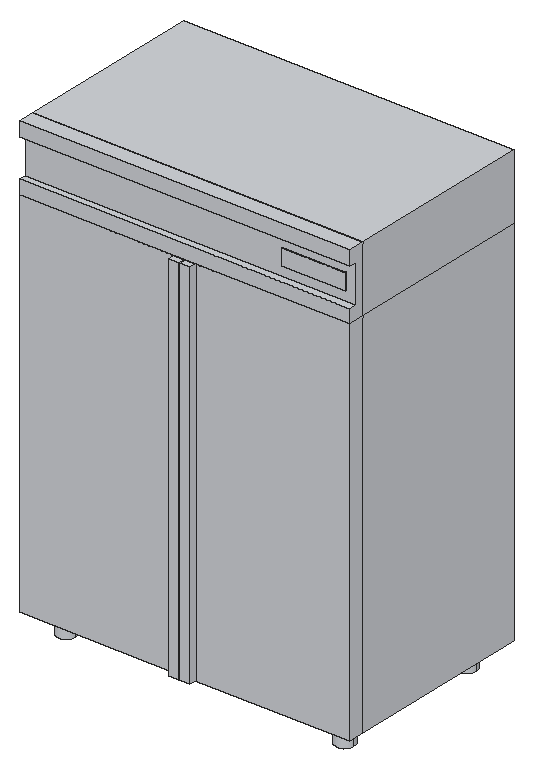
Revit family "Холодильные шкафы из нержавеющей стали", category Оборудование, Revit 2020
Family settings
  Размер круглого соединителя = Использовать диаметр
  Классификация = Нет
  Тип детали = Нормальный
  На основе рабочей плоскости = Нет
  Всегда вертикально = Да
  При загрузке вырезать с полостями = Нет
  Общий = Нет
  Точка расчета площади = Нет
Parameters (values of type "CM114-G")
  Панель Sm = no
  Ширина = 1402 mm
  Цена, руб. = "99 356"
  Холодильный шкаф = none
  Тип охлаждения = "динамический"
  Условия окр. среды (темп./влажн.) = "до +40/до 80"
  Тип оттайки = "авт. с системой исп. конденсата"
  Терморегулятор = "эл. блок управления"
  Система электропитания, В/Гц = "230/50"
  Размер полки, мм = "530х650"
  Расход электроэнергии за сутки, кВт/ч = "6"
  Расположение агрегата = "верхнее"
  Размеры в упаковке, мм = "1490x988x2125"
  Хладагент = "R134a"
  Потребляемая мощность, Вт = "550"
  Подсветка = "светодиодная"
  Педаль = ""
  Панель S = yes
  Отметка по умолчанию = 0 mm
  Объем, л = "1400"
  Колесные опоры = "опция"
  Кол-во полок = "8"
  Микропереключатель = ""
  Материал обшивок корпуса изнутри = "нержавеющая сталь"
  Материал обшивок корпуса снаружи = "нержавеющая сталь (кроме задней стенки)"
  Клапан Шредера = "+"
  Замок = "+"
  Допустимая нагрузка на полку, кг = "40"
  Диап. рабочих темп. = "0....+6"
  Глубина = 925 mm
  Габаритные размеры, мм = "1402*925*1960"
  Высота = 1960 mm
  Вес нетто/брутто, кг = "186/218"
  2 дверь Sm (шир) = no
  2 дверь Sm = no
  2 дверь S = yes
  2  дверь S (шир) = no
  1 дверь Sm (шир) = no
  1 дверь Sm = no
  1 дверь S (шир) = no
  1 дверь S = yes
Types (21, lengths in mm): name | Панель Sm | Ширина | Цена, руб. | Тип оттайки | Терморегулятор | Размер полки, мм | Расход электроэнергии за сутки, кВт/ч | Размеры в упаковке, мм | Хладагент | Потребляемая мощность, Вт | Подсветка | Педаль | Панель S | Объем, л | Кол-во полок | Микропереключатель | Материал обшивок корпуса изнутри | Материал обшивок корпуса снаружи | Диап. рабочих темп. | Глубина | Габаритные размеры, мм | Высота | Вес нетто/брутто, кг | 2 дверь Sm (шир) | 2 дверь Sm | 2 дверь S | 2  дверь S (шир) | 1 дверь Sm (шир) | 1 дверь Sm | 1 дверь S (шир) | 1 дверь S
  (no name) | no | 1402 | "99 356" | "авт. с системой исп. конденсата" | "эл. блок управления" | "530х650" | "6" | "1490x988x2125" | "R134a" | "550" | "светодиодная" | "" | yes | "1400" | "8" | "" | "нержавеющая сталь" | "нержавеющая сталь (кроме задней стенки)" | "0....+6" | 925 | "1402*925*1960" | 1960 | "186/218" | no | no | yes | no | no | no | no | yes
  CM105-Gm | yes | 697 | "67 108" | "авт. с системой исп. конденсата" | "многофункциональная контрольная панель" | "595х455" | "3,5" | "790x744x2125" | "R134a" | "350" | "светодиодная" | "+" | no | "500" | "4" | "клавишный" | "снержавеющая сталь" | "нержавещая сталь (кроме задней стенки)" | "0....+6" | 695 | "697*695*1960" | 1960 | "96/115" | no | no | no | no | no | yes | no | no
  CM107-Gm | yes | 697 | "73 495" | "авт. с системой исп. конденсата" | "многофункциональная контрольная панель" | "530х650" | "3,5" | "790x988x2125" | "R134a" | "350" | "светодиодная" | "+" | no | "700" | "4" | "клавишный" | "нержавеющая сталь" | "нержавеющая сталь (кроме задней стенки)" | "0....+6" | 925 | "697*925*1960" | 1960 | "112/137" | no | no | no | no | no | yes | no | no
  CV105-Gm | yes | 697 | "71 085" | "авт. с системой исп. конденсата" | "многофункциональная контрольная панель" | "595х455" | "4" | "790x744x2125" | "R134a" | "400" | "светодиодная" | "+" | no | "500" | "4" | "клавишный" | "нержавеющая сталь" | "нержавеющая сталь (кроме задней стенки)" | "-5....+5" | 695 | "697*695*1960" | 1960 | "96/115" | no | no | no | no | no | yes | no | no
  CV107-Gm | yes | 697 | "80 136" | "авт. с системой исп. конденсата" | "многофункциональная контрольная панель" | "530х650" | "4,5" | "790x988x2125" | "R134a" | "400" | "+" | "+" | no | "700" | "4" | "клавишный" | "нержавеющая сталь" | "нержавеющая сталь (кроме задней стенки)" | "-5....+5" | 925 | "697*925*1960" | 1960 | "114/139" | no | no | no | no | no | yes | no | no
  CB107-Gm | yes | 735 | "85 322" | "авт. с системой исп. конденсата" | "многофункциональная контрольная панель" | "530х650" | "12" | "850x988x2125" | "R404А" | "550/400" | "светодиодная" | "+" | no | "700" | "4" | "клавишный" | "нержавеющая сталь" | "нержавеющая сталь (кроме задней стенки)" | "не выше -18" | 960 | "735*960*1996" | 1996 | "128/152" | no | no | no | no | yes | no | no | no
  CM110-Gm | yes | 1402 | "89 186" | "авт. с системой исп. конденсата" | "многофункциональная контрольная панель" | "595х455" | "5.5" | "1490x744x2125" | "R134a" | "550" | "светодиодная" | "+" | no | "1000" | "8" | "клавишный" | "нержавеющая сталь" | "нержавеющая сталь (кроме задней стенки)" | "0....+6" | 695 | "1402*695*1960" | 1960 | "158/187" | no | yes | no | no | no | yes | no | no
  CM114-Gm | yes | 1402 | "99 356" | "авт. с системой исп. конденсата" | "многофункциональная контрольная панель" | "530х650" | "6" | "1490x988x2125" | "R134a" | "550" | "светодиодная" | "+" | no | "1400" | "8" | "клавишный" | "нержавеющая сталь" | "нержавеющая сталь (кроме задней стенки)" | "0....+6" | 925 | "1402*925*1960" | 1960 | "186/218" | no | yes | no | no | no | yes | no | no
  CV110-Gm | yes | 1402 | "103 932" | "авт. с системой исп. конденсата" | "многофункциональная контрольная панель" | "595х455" | "6" | "1490x988x2125" | "R134a" | "630" | "светодиодная" | "+" | no | "1000" | "8" | "клавишный" | "нержавеющая сталь" | "нержавеющая сталь (кроме задней стенки)" | "-5....+5" | 695 | "1402*695*1960" | 1960 | "158/187" | no | yes | no | no | no | yes | no | no
  CV114-Gm | yes | 1402 | "109 525" | "авт. с системой исп. конденсата" | "многофункциональная контрольная панель" | "530х650" | "6.5" | "1490x988x2125" | "R134a" | "630" | "светодиодная" | "+" | no | "1400" | "8" | "клавишный" | "нержавеющая сталь" | "нержавеющая сталь (кроме задней стенки)" | "-5....+5" | 925 | "1402*925*1960" | 1960 | "168/218" | no | yes | no | no | no | yes | no | no
  CM105-G | no | 697 | "67 108" | "авт.с системой исп. конденсата" | "эл. блок управления" | "595х455" | "3,5" | "790x744x2125" | "R134a" | "350" | "светодиоидная" | "+" | yes | "500" | "4" | "-" | "нержавеющая сталь" | "нержавеющая сталь (кроме задней стенки)" | "0....+6" | 695 | "697*695*1960" | 1960 | "96/115" | no | no | no | no | no | no | no | yes
  CM107-G | no | 697 | "73 495" | "авт. с системой исп. конденсата" | "эл. блок управления" | "530х650" | "4" | "790x988x2125" | "R134a" | "350" | "светодиодная" | "" | yes | "700" | "4" | "" | "нержавеющая сталь" | "нержавеющая сталь (кроме задней стенки)" | "0....+6" | 925 | "697*925*1960" | 1960 | "114/139" | no | no | no | no | no | no | no | yes
  CM110-G | no | 1402 | "89 186" | "авт. с системой исп. конденсата" | "эл. блок управления" | "595х455" | "5.5" | "1490x744x2125" | "R134a" | "550" | "светодиодная" | "" | yes | "1000" | "8" | "" | "нержавеющая сталь" | "нержавеющая сталь (кроме задней стенки)" | "0....+6" | 695 | "1402*695*1960" | 1960 | "155/187" | no | no | yes | no | no | no | no | yes
  CB114-Gm | yes | 1474 | "121 932" | "авт. с системой исп. конденсата" | "многофункциональная контрольная панель" | "530х650" | "20.5" | "1550x988x2160" | "R404А" | "800/1200" | "светодиодная" | "+" | no | "1400" | "4" | "клавишный" | "нержавеющая сталь" | "нержавеющая сталь (кроме задней стенки)" | "не выше -18" | 960 | "1474*960*1996" | 1996 | "217/247" | yes | no | no | no | yes | no | no | no
  CB107-G | no | 735 | "85 322" | "автоматическая" | "эл. блок управления" | "530х650" | "12" | "850x988x2160" | "R134a" | "550/400" | "светодиодная" | "" | yes | "700" | "4" | "" | "нержавеющая сталь" | "нержавеющая сталь (кроме задней стенки)" | "не выше -18" | 960 | "735*960*1996" | 1996 | "114/139" | no | no | no | no | no | no | yes | no
  CV105-G | no | 697 | "71 085" | "авт. с системой исп. конденсата" | "эл. блок управления" | "595х455" | "4" | "790x744x2125" | "R134a" | "400" | "светодиодная" | "" | yes | "500" | "4" | "" | "нержавеющая сталь" | "нержавеющая сталь (кроме задней стенки)" | "-5....+5" | 695 | "697*695*1960" | 1960 | "96/115" | no | no | no | no | no | no | no | yes
  CV107-G | no | 697 | "80 136" | "авт. с системой исп. конденсата" | "многофункциональная контрольная панель" | "530х650" | "4,5" | "790x988x2125" | "R134a" | "400" | "светодиодная" | "" | yes | "700" | "4" | "" | "нержавеющая сталь" | "нержавеющая сталь (кроме задней стенки)" | "-5....+5" | 925 | "697*925*1960" | 1960 | "114/139" | no | no | no | no | no | no | no | yes
  CV110-G | no | 1402 | "103 932" | "авт. с системой исп. конденсата" | "многофункциональная контрольная панель" | "595х455" | "6" | "1490x988x2125" | "R134a" | "630" | "светодиодная" | "" | yes | "1000" | "8" | "" | "нержавеющая сталь" | "нержавеющая сталь (кроме задней стенки)" | "-5....+5" | 695 | "1402*695*1960" | 1960 | "158/187" | no | no | yes | no | no | no | no | yes
  CV114-G | no | 1402 | "109 525" | "авт., при помощи ТЭНов, с системой исп. конденсата" | "эл. блок управления" | "530х650" | "6.5" | "1490x988x2125" | "R134a" | "630" | "светодиодная" | "" | yes | "1400" | "8" | "" | "нержавеющая сталь" | "нержавеющая сталь (кроме задней стенки)" | "-5....+5" | 925 | "1402*925*1960" | 1960 | "168/218" | no | no | yes | no | no | no | no | yes
  CB114-G | no | 1474 | "121 932" | "автоматическая" | "эл. блок управления" | "530х650" | "20.5" | "1550x988x2160" | "R404А" | "800/1200" | "светодиодная" | "" | yes | "1400" | "4" | "" | "нержавеющая сталь" | "нержавеющая сталь (кроме задней стенки)" | "не выше -18" | 960 | "1474*960*1996" | 1996 | "168/218" | no | no | no | yes | no | no | yes | no
  CM114-G | no | 1402 | "99 356" | "авт. с системой исп. конденсата" | "эл. блок управления" | "530х650" | "6" | "1490x988x2125" | "R134a" | "550" | "светодиодная" | "" | yes | "1400" | "8" | "" | "нержавеющая сталь" | "нержавеющая сталь (кроме задней стенки)" | "0....+6" | 925 | "1402*925*1960" | 1960 | "186/218" | no | no | yes | no | no | no | no | yes
Reference planes
  plane 1 "По центру (Вперед/Назад)": y = 0
  plane 2: z = 0
  plane 3 "По центру (Влево/Вправо)": x = 0
  plane 4: x = -701
  plane 5: x = 701
  plane 6: y = -925
  plane 7: y = -855
  plane 8: x = 74
  plane 9: x = 631
  plane 10: z = 1960
  plane 11: x = 4
  plane 12: z = 92
  plane 13: z = 1678
  plane 14: y = -55
  plane 15: x = -631
  plane 16: x = -591
  plane 17: x = 591
  plane 18: y = -815
  plane 19: y = -165
  plane 20: x = -55
  plane 21: x = 55
  plane 22: z = 1849
  plane 23: z = 1789
  plane 24: x = -75
  plane 25: x = 75
  plane 26: z = 1769
  plane 27: z = 1869
  plane 28: z = 1819
  plane 29: x = 151
  plane 30: x = 651
  plane 31: z = 885
  plane 32: z = 885
  plane 33: x = 701
  plane 34: x = -34
  plane 35: x = 34
  plane 36: x = -701
  plane 37: z = 885
  plane 38: x = 701
  plane 39: z = 885
  plane 40: x = -737
Forms (mm)
  Extrusion 1, solid, material <- "Холодильный шкаф", visible <- "1 дверь Sm"
    sketch origin (0, 0, 0) x (1, 0, 0) y (0, 1, 0)
      loop
        line (74, -855) -> (74, -925) -> (631, -925) -> (631, -855) -> (74, -855)
    from 92 to 1678
  Extrusion 2, solid, material <- "Холодильный шкаф"
    sketch origin (0, 0, 0) x (1, 0, 0) y (0, 1, 0)
      loop
        line (-701, -55) -> (-701, -855) -> (701, -855) -> (701, -55) -> (-701, -55)
    from 92 to 1678
  Extrusion 3, solid, material <- "Холодильный шкаф", visible <- "Панель Sm"
    sketch origin (0, 0, 0) x (1, 0, 0) y (0, 1, 0)
      loop
        line (-631, -855) -> (-631, -925) -> (631, -925) -> (631, -855) -> (-631, -855)
    from 1678 to 1960
  Extrusion 4, solid, material <- "Холодильный шкаф", visible <- "Панель Sm"
    sketch origin (0, 0, 0) x (1, 0, 0) y (0, 1, 0)
      loop
        arc (-701, -855) -> (-680.497, -904.497) -> (-631, -925) r 70
        line (-631, -925) -> (-631, -855) -> (-701, -855)
    from 1678 to 1960
  Extrusion 5, solid, material <- "Холодильный шкаф", visible <- "Панель Sm"
    sketch origin (0, 0, 0) x (1, 0, 0) y (0, 1, 0)
      loop
        line (631, -855) -> (631, -925)
        arc (631, -925) -> (680.497, -904.497) -> (701, -855) r 70
        line (701, -855) -> (631, -855)
    from 1678 to 1960
  Extrusion 6, solid, material <- "Холодильный шкаф", visible <- "1 дверь Sm"
    sketch origin (0, 0, 0) x (1, 0, 0) y (0, 1, 0)
      loop
        line (631, -855) -> (631, -925)
        arc (631, -925) -> (680.497, -904.497) -> (701, -855) r 70
        line (701, -855) -> (631, -855)
    from 92 to 1678
  Extrusion 7, solid, material <- "Холодильный шкаф", visible <- "1 дверь Sm"
    sketch origin (800, 0, 0) x (1, 0, 0) y (0, 1, 0)
      loop
        arc (-796, -855) -> (-775.497, -904.497) -> (-726, -925) r 70
        line (-726, -925) -> (-726, -855) -> (-796, -855)
    from 92 to 1678
  Extrusion 8, solid, material <- "Холодильный шкаф"
    sketch origin (0, 0, 0) x (1, 0, 0) y (0, 1, 0)
      loop
        circle (-591, -165) r 40
    from 0 to 92
  Extrusion 9, solid, material <- "Холодильный шкаф"
    sketch origin (0, 0, 0) x (1, 0, 0) y (0, 1, 0)
      loop
        circle (-591, -815) r 40
    from 0 to 92
  Extrusion 10, solid, material <- "Холодильный шкаф"
    sketch origin (0, 0, 0) x (1, 0, 0) y (0, 1, 0)
      loop
        circle (591, -165) r 40
    from 0 to 92
  Extrusion 11, solid, material <- "Холодильный шкаф"
    sketch origin (0, 0, 0) x (1, 0, 0) y (0, 1, 0)
      loop
        circle (591, -815) r 40
    from 0 to 92
  Extrusion 12, solid, visible <- "Панель Sm", detail levels fine
    sketch origin (0, 0, 0) x (1, 0, 0) y (0, 0, 1)
      loop
        line (-55, 1849) -> (-55, 1789) -> (55, 1789) -> (55, 1849) -> (-55, 1849)
    from 925 to 926.447
  Extrusion 13, solid, material <- "Холодильный шкаф"
    sketch origin (1.462, 0, 0) x (1, 0, 0) y (0, 1, 0)
      loop
        line (149.538, 0) -> (149.538, -55) -> (649.538, -55) -> (649.538, 0) -> (149.538, 0)
    from 1178.132 to 1678
  Extrusion 14, void, detail levels fine
    sketch origin (0, 0, 5.622) x (1, 0, 0) y (0, 0, 1)
      loop
        line (-50, 1838.378) -> (-50, 1788.378) -> (50, 1788.378) -> (50, 1838.378) -> (-50, 1838.378)
    from 926.447 to 925
  Extrusion 15, solid, material <- "Холодильный шкаф"
    sketch origin (0, 0, 0) x (1, 0, 0) y (0, 1, 0)
      loop
        line (-701, -55) -> (-701, -855) -> (701, -855) -> (701, -55) -> (-701, -55)
    from 1678 to 1960
  Extrusion 16, solid, material <- "Холодильный шкаф", visible <- "2 дверь Sm"
    sketch origin (-705, 0, 0) x (1, 0, 0) y (0, 1, 0)
      loop
        line (74, -855) -> (74, -925) -> (631, -925) -> (631, -855) -> (74, -855)
    from 92 to 1678
  Extrusion 17, solid, material <- "Холодильный шкаф", visible <- "2 дверь Sm"
    sketch origin (-705, 0, 0) x (1, 0, 0) y (0, 1, 0)
      loop
        line (631, -855) -> (631, -925)
        arc (631, -925) -> (680.497, -904.497) -> (701, -855) r 70
        line (701, -855) -> (631, -855)
    from 92 to 1678
  Extrusion 18, solid, material <- "Холодильный шкаф", visible <- "Панель S"
    sketch origin (0, 0, 0) x (0, 1, 0) y (0, 0, 1)
      loop
        line (-925, 1960) -> (-925, 1900) -> (-895, 1900) -> (-895, 1738) -> (-925, 1738) -> (-925, 1678) -> (-855, 1678) -> (-855, 1960) -> (-925, 1960)
    from -701 to 701
  Extrusion 19, solid, material <- "Холодильный шкаф", visible <- "Панель S", detail levels fine
    sketch origin (-1.686, 0, 0) x (1, 0, 0) y (0, 0, 1)
      loop
        line (392.686, 1849) -> (392.686, 1779) -> (662.686, 1779) -> (662.686, 1849) -> (392.686, 1849)
    from 895 to 897.19
  Extrusion 20, solid, material <- "Холодильный шкаф", visible <- "1 дверь S"
    sketch origin (0, 0, 0) x (1, 0, 0) y (0, 0, 1)
      loop
        line (701, 1678) -> (0, 1678) -> (0, 92) -> (701, 92) -> (701, 1678)
    from 855 to 925
  Extrusion 21, solid, material <- "Холодильный шкаф", visible <- "1 дверь S", detail levels medium+fine
    sketch origin (0, 0, 0) x (1, 0, 0) y (0, 0, 1)
      loop
        line (0, 1678) -> (0, 92) -> (45, 92) -> (45, 1678) -> (0, 1678)
    from 925 to 954.587
  Extrusion 22, solid, visible <- "2 дверь S"
    sketch origin (0, 0, 0) x (-1, 0, 0) y (0, 0, -1)
      loop
        line (701, -1678) -> (701, -92) -> (0, -92) -> (0, -1678) -> (701, -1678)
    from 855 to 925
  Extrusion 23, solid, material <- "Холодильный шкаф", visible <- "2 дверь S", detail levels medium+fine
    sketch origin (0, 0, 0) x (-1, 0, 0) y (0, 0, -1)
      loop
        line (0, -1678) -> (45, -1678) -> (45, -92) -> (0, -92) -> (0, -1678)
    from 925 to 954.587
  Extrusion 24, solid, material <- "Холодильный шкаф", visible <- "2 дверь Sm (шир)"
    sketch origin (-1453, 0, 0) x (1, 0, 0) y (0, 1, 0)
      loop
        line (822, -855) -> (822, -925) -> (1417, -925) -> (1417, -855) -> (822, -855)
    from 92 to 1678
  Extrusion 25, solid, material <- "Холодильный шкаф", visible <- "2 дверь Sm (шир)"
    sketch origin (-453.5, 0, 0) x (1, 0, 0) y (0, 1, 0)
      loop
        line (417.5, -855) -> (417.5, -925)
        arc (417.5, -925) -> (466.997, -904.497) -> (487.5, -855) r 70
        line (487.5, -855) -> (417.5, -855)
    from 92 to 1678
  Extrusion 26, solid, material <- "Холодильный шкаф", visible <- "2 дверь Sm (шир)"
    sketch origin (-491.5, 0, 0) x (1, 0, 0) y (0, 1, 0)
      loop
        arc (-209.5, -855) -> (-188.997, -904.497) -> (-139.5, -925) r 70
        line (-139.5, -925) -> (-139.5, -855) -> (-209.5, -855)
    from 92 to 1678
  Extrusion 27, solid, material <- "Холодильный шкаф", visible <- "1 дверь S (шир)"
    sketch origin (900, 0, 0) x (1, 0, 0) y (0, 0, 1)
      loop
        line (-199, 1678) -> (-934, 1678) -> (-934, 92) -> (-199, 92) -> (-199, 1678)
    from 855 to 925
  Extrusion 28, solid, material <- "Холодильный шкаф", visible <- "1 дверь S (шир)", detail levels medium+fine
    sketch origin (900, 0, 0) x (1, 0, 0) y (0, 0, 1)
      loop
        line (-934, 1678) -> (-934, 92) -> (-889, 92) -> (-889, 1678) -> (-934, 1678)
    from 925 to 954.587
  Extrusion 29, solid, visible <- "2  дверь S (шир)"
    sketch origin (-900, 0, 0) x (-1, 0, 0) y (0, 0, -1)
      loop
        line (-163, -1678) -> (-163, -92) -> (-898, -92) -> (-898, -1678) -> (-163, -1678)
    from 855 to 925
  Extrusion 30, solid, material <- "Холодильный шкаф", visible <- "2  дверь S (шир)", detail levels medium+fine
    sketch origin (-900, 0, 0) x (-1, 0, 0) y (0, 0, -1)
      loop
        line (-898, -1714) -> (-853, -1714) -> (-853, -92) -> (-898, -92) -> (-898, -1714)
    from 960 to 989.587
  Extrusion 31, solid, material <- "Холодильный шкаф", visible <- "2 дверь Sm"
    sketch origin (-253.053, 0, 0) x (1, 0, 0) y (0, 1, 0)
      loop
        arc (-447.947, -855) -> (-427.445, -904.497) -> (-377.947, -925) r 70
        line (-377.947, -925) -> (-377.947, -855) -> (-447.947, -855)
    from 92 to 1678
  Extrusion 32, solid, material <- "Холодильный шкаф", visible <- "1 дверь Sm (шир)"
    sketch origin (-834, 0, 0) x (1, 0, 0) y (0, 1, 0)
      loop
        line (870, -855) -> (870, -925) -> (1465, -925) -> (1465, -855) -> (870, -855)
    from 92 to 1714
  Extrusion 33, solid, material <- "Холодильный шкаф", visible <- "1 дверь Sm (шир)"
    sketch origin (249.5, 0, 0) x (1, 0, 0) y (0, 1, 0)
      loop
        line (381.5, -855) -> (381.5, -925)
        arc (381.5, -925) -> (430.997, -904.497) -> (451.5, -855) r 70
        line (451.5, -855) -> (381.5, -855)
    from 92 to 1714
  Extrusion 34, solid, material <- "Холодильный шкаф", visible <- "1 дверь Sm (шир)"
    sketch origin (91.5, 0, 0) x (1, 0, 0) y (0, 1, 0)
      loop
        arc (-125.5, -855) -> (-104.997, -904.497) -> (-55.5, -925) r 70
        line (-55.5, -925) -> (-55.5, -855) -> (-125.5, -855)
    from 92 to 1714
Cuts and joins
  Extrusion 14 cuts Extrusion 12
Dimensions and locks
  "Глубина": plane 6 to plane 1 "По центру (Вперед/Назад)"
  "Ширина": plane 4 to plane 5
  equal spacing: plane 4, plane 3 "По центру (Влево/Вправо)", plane 5
  locked: plane 7 to plane 6 at 70
  "Высота": plane 10 to plane 2
  plane 9 to plane 5 = 70 mm  (x2)
  locked: plane 11 to plane 8 at 70
  locked: plane 8 to plane 9 at 557
  plane 14 to plane 6 = 870 mm
  locked: plane 1 "По центру (Вперед/Назад)" to plane 14 at 55
  locked: plane 4 to plane 15 at 70
  locked: plane 16 to plane 4 at 110
  locked: plane 5 to plane 17 at 110
  locked: plane 14 to plane 19 at 110
  locked: plane 18 to plane 7 at 40
  locked: plane 12 to plane 2 at 92
  plane 13 to plane 12 = 1586 mm
  locked: plane 10 to plane 13 at 282
  locked: plane 21 to plane 20 at 110
  equal spacing: plane 21, plane 3 "По центру (Влево/Вправо)", plane 20
  locked: plane 22 to plane 23 at 60
  locked: plane 23 to plane 13 at 111
  locked: Extrusion 12 to Extrusion 12 at 1.447
  equal spacing: plane 25, plane 3 "По центру (Влево/Вправо)", plane 24
  equal spacing: plane 10, plane 28, plane 13
  locked: plane 27 to plane 28 at 50
  locked: plane 28 to plane 26 at 50
  locked: plane 13 to Extrusion 13 at 499.868
  locked: Extrusion 12 to Extrusion 14 at 5  (x3)
  locked: Extrusion 14 to Extrusion 12 at 5
  locked: plane 30 to plane 5 at 50
  locked: plane 29 to plane 30 at 500
  locked: Extrusion 18 to Extrusion 18 at 30
  Extrusion 5 to Extrusion 18 to Extrusion 18 to plane 13 = 60 mm locked, 162 mm locked, 60 mm locked
  Extrusion 19 to Extrusion 19 to plane 5 = 270 mm locked, 40 mm locked
  locked: Extrusion 19 to Extrusion 18 at 2.19
  locked: plane 5 to Extrusion 20 at 701
  plane 13 to plane 31 to plane 12 = 793 mm, 793 mm
  equal spacing: Extrusion 21 sketch curve, plane 31, Extrusion 21 sketch curve
  locked: plane 6 to Extrusion 21 at 29.587
  Extrusion 23 sketch curve to plane 32 to Extrusion 23 sketch curve = 793 mm, 793 mm
  locked: Extrusion 21 to Extrusion 21 at 45
  locked: Extrusion 23 to Extrusion 23 at 45
  locked: plane 33 to plane 34 at 735
  plane 33 to plane 34 = 735 mm
  locked: plane 35 to plane 36 at 735
  plane 35 to Extrusion 25 to Extrusion 26 to plane 36 = 70 mm locked, 595 mm, 70 mm locked
  locked: Extrusion 28 to Extrusion 28 at 45  (x2)
  locked: Extrusion 27 to Extrusion 27 at 735
  Extrusion 30 sketch curve to plane 39 to Extrusion 30 sketch curve = 829 mm, 793 mm
  locked: Extrusion 30 to Extrusion 30 at 45  (x2)
  locked: Extrusion 29 to Extrusion 29 at 735
  locked: Extrusion 29 to Extrusion 29 at 70
  locked: Extrusion 27 to Extrusion 27 at 70
  locked: Extrusion 28 to Extrusion 27 at 29.587
  locked: Extrusion 30 to Extrusion 30 at 29.587
  locked: Extrusion 22 to Extrusion 22 at 70
  locked: Extrusion 23 to Extrusion 23 at 29.587
  locked: Extrusion 7 to Extrusion 7 at 70
  locked: Extrusion 34 to Extrusion 33 at 595
  locked: Extrusion 34 to Extrusion 34 at 70
  locked: Extrusion 33 to Extrusion 33 at 70
  radius of Extrusion 11 sketch curve = 40 mm
  aligned and locked: level to plane 2
  aligned and locked: plane 6 to Extrusion 1 sketch curve
  aligned and locked: Extrusion 1 sketch curve to plane 9
  aligned and locked: Extrusion 1 to plane 8
  aligned and locked: Extrusion 2 sketch curve to plane 14
  aligned and locked: Extrusion 2 sketch curve to plane 4
  aligned and locked: plane 7 to Extrusion 2 sketch curve
  aligned and locked: Extrusion 2 sketch curve to plane 5
  aligned and locked: Extrusion 2 to plane 12
  aligned and locked: plane 13 to Extrusion 1
  aligned and locked: Extrusion 3 sketch curve to plane 7
  aligned and locked: plane 15 to Extrusion 3 sketch curve
  aligned and locked: Extrusion 3 sketch curve to Extrusion 1  (x2)
  aligned and locked: plane 10 to Extrusion 3
  aligned and locked: Extrusion 3 to plane 13
  aligned and locked: plane 10 to Extrusion 4
  aligned and locked: Extrusion 4 to plane 13
  aligned and locked: plane 9 to Extrusion 5 sketch curve
  aligned and locked: Extrusion 5 sketch curve to plane 7
  aligned and locked: plane 10 to Extrusion 5
  aligned and locked: plane 9 to Extrusion 6 sketch curve
  aligned and locked: Extrusion 6 sketch curve to plane 7
  aligned and locked: plane 13 to Extrusion 6
  aligned and locked: Extrusion 6 to plane 12
  aligned and locked: Extrusion 4 sketch curve to plane 7
  aligned and locked: Extrusion 4 sketch curve to plane 15
  aligned and locked: Extrusion 7 sketch curve to plane 7
  aligned and locked: Extrusion 7 to plane 12
  aligned and locked: plane 13 to Extrusion 7
  aligned and locked: plane 12 to Extrusion 9
  aligned and locked: Extrusion 9 to plane 2
  aligned and locked: plane 12 to Extrusion 8
  aligned and locked: plane 12 to Extrusion 11
  aligned and locked: plane 12 to Extrusion 10
  aligned and locked: Extrusion 11 to plane 2
  aligned and locked: Extrusion 10 to plane 2
  aligned and locked: Extrusion 5 to plane 10
  aligned and locked: Extrusion 5 to plane 13
  aligned and locked: Extrusion 12 sketch curve to plane 22
  aligned and locked: plane 20 to Extrusion 12 sketch curve
  aligned and locked: plane 23 to Extrusion 12 sketch curve
  aligned and locked: Extrusion 12 sketch curve to plane 21
  aligned and locked: plane 6 to Extrusion 12
  aligned and locked: plane 1 "По центру (Вперед/Назад)" to Extrusion 13 sketch curve
  aligned and locked: plane 14 to Extrusion 13 sketch curve
  aligned and locked: Extrusion 1 to Extrusion 13
  aligned and locked: Extrusion 1 to Extrusion 2
  aligned and locked: plane 10 to Extrusion 15
  aligned and locked: Extrusion 15 to Extrusion 1
  aligned and locked: plane 6 to Extrusion 14
  aligned and locked: Extrusion 12 to Extrusion 14
  aligned and locked: plane 29 to Extrusion 13
  aligned and locked: plane 30 to Extrusion 13
  aligned and locked: Extrusion 18 sketch curve to plane 10
  aligned and locked: Extrusion 18 sketch curve to plane 7
  aligned and locked: plane 13 to Extrusion 18 sketch curve
  aligned and locked: Extrusion 18 sketch curve to plane 6
  aligned and locked: plane 6 to Extrusion 18 sketch curve
  aligned and locked: plane 5 to Extrusion 18
  aligned and locked: Extrusion 19 to Extrusion 18
  aligned and locked: plane 5 to Extrusion 20 sketch curve
  aligned and locked: Extrusion 20 sketch curve to plane 12
  aligned and locked: plane 13 to Extrusion 20 sketch curve
  aligned and locked: Extrusion 20 to plane 6
  aligned and locked: plane 7 to Extrusion 20
  aligned and locked: Extrusion 18 to plane 4
  aligned and locked: Extrusion 21 sketch curve to Extrusion 20
  aligned and locked: plane 6 to Extrusion 21
  aligned and locked: Extrusion 23 sketch curve to Extrusion 22
  aligned and locked: Extrusion 24 to Extrusion 26
  aligned and locked: plane 35 to Extrusion 25
  aligned and locked: plane 36 to Extrusion 26
  aligned and locked: Extrusion 26 to Extrusion 24
  aligned and locked: Extrusion 24 to Extrusion 25
  aligned and locked: plane 5 to plane 33
  aligned and locked: plane 13 to Extrusion 24
  aligned and locked: plane 13 to Extrusion 25
  aligned and locked: plane 13 to Extrusion 26
  aligned and locked: plane 4 to plane 36
  aligned and locked: Extrusion 28 sketch curve to Extrusion 27
  aligned and locked: plane 38 to Extrusion 27
  aligned and locked: plane 13 to Extrusion 27
  aligned and locked: Extrusion 30 sketch curve to Extrusion 29
  aligned and locked: Extrusion 29 to plane 40
  aligned and locked: plane 13 to Extrusion 29
  aligned and locked: plane 5 to plane 38
  aligned and locked: plane 7 to Extrusion 29
  aligned and locked: Extrusion 28 to Extrusion 27
  aligned and locked: plane 7 to Extrusion 27
  aligned and locked: Extrusion 23 to Extrusion 22
  aligned and locked: plane 7 to Extrusion 22
  aligned and locked: Extrusion 24 to Extrusion 16
  aligned and locked: Extrusion 24 to plane 15
  aligned and locked: plane 8 to Extrusion 7
  aligned and locked: Extrusion 15 to plane 4
  aligned and locked: Extrusion 32 to Extrusion 34
  aligned and locked: Extrusion 34 to Extrusion 32  (x2)
  aligned and locked: Extrusion 32 to Extrusion 33  (x2)
  aligned and locked: Extrusion 1 to plane 12
  aligned and locked: Extrusion 28 to Extrusion 1
  aligned and locked: Extrusion 23 to Extrusion 1
  aligned and locked: Extrusion 28 sketch curve to plane 13
  aligned and locked: Extrusion 21 sketch curve to plane 13
Automatic sketch dimensions
  Extrusion 1 sketch curve to plane 8 = 0 mm
  Extrusion 1 sketch curve to plane 7 = 0 mm
  Extrusion 4 sketch curve to plane 4 = 0 mm
  Extrusion 5 sketch curve to plane 5 = 0 mm
  Extrusion 6 sketch curve to plane 5 = 0 mm
  Extrusion 7 sketch curve to plane 11 = 0 mm
  Extrusion 7 sketch curve to plane 6 = 0 mm
  Extrusion 8 sketch curve to plane 16 = 0 mm
  Extrusion 8 sketch curve to plane 19 = 0 mm
  Extrusion 9 sketch curve to plane 16 = 0 mm
  Extrusion 9 sketch curve to plane 18 = 0 mm
  Extrusion 10 sketch curve to plane 17 = 0 mm
  Extrusion 10 sketch curve to plane 19 = 0 mm
  Extrusion 11 sketch curve to plane 17 = 0 mm
  Extrusion 11 sketch curve to plane 18 = 0 mm
  Extrusion 13 sketch curve to plane 29 = 0 mm
  Extrusion 13 sketch curve to plane 30 = 0 mm
  plane 20 to Extrusion 14 sketch curve = 5 mm
  Extrusion 14 sketch curve to plane 21 = 5 mm
  plane 23 to Extrusion 14 sketch curve = 5 mm
  Extrusion 14 sketch curve to plane 22 = 5 mm
  Extrusion 15 sketch curve to plane 4 = 0 mm
  Extrusion 15 sketch curve to plane 5 = 0 mm
  Extrusion 15 sketch curve to plane 7 = 0 mm
  Extrusion 15 sketch curve to plane 14 = 0 mm
  Extrusion 16 sketch curve to plane 6 = 0 mm
  Extrusion 16 sketch curve to plane 15 = 0 mm
  Extrusion 16 sketch curve to plane 7 = 0 mm
  plane 24 to Extrusion 16 sketch curve = 1 mm
  Extrusion 17 sketch curve to plane 6 = 0 mm
  Extrusion 17 sketch curve to plane 7 = 0 mm
  plane 24 to Extrusion 17 sketch curve = 1 mm
  Extrusion 18 sketch curve to Extrusion 18 sketch curve = 30 mm
  Extrusion 18 sketch curve to plane 26 = 31 mm
  plane 27 to Extrusion 18 sketch curve = 31 mm
  Extrusion 19 sketch curve to plane 22 = 0 mm
  Extrusion 19 sketch curve to plane 23 = 10 mm
  plane 17 to Extrusion 19 sketch curve = 200 mm
  plane 30 to Extrusion 19 sketch curve = 10 mm
  Extrusion 20 sketch curve to plane 11 = 4 mm
  Extrusion 21 sketch curve to plane 25 = 30 mm
  Extrusion 22 sketch curve to plane 13 = 0 mm
  Extrusion 22 sketch curve to plane 12 = 0 mm
  Extrusion 22 sketch curve to plane 4 = 0 mm
  plane 35 to Extrusion 22 sketch curve = 34 mm
  Extrusion 23 sketch curve to plane 20 = 10 mm
  Extrusion 24 sketch curve to plane 6 = 0 mm
  Extrusion 24 sketch curve to plane 15 = 0 mm
  Extrusion 24 sketch curve to plane 7 = 0 mm
  plane 24 to Extrusion 24 sketch curve = 39 mm
  Extrusion 25 sketch curve to plane 6 = 0 mm
  Extrusion 25 sketch curve to plane 7 = 0 mm
  Extrusion 25 sketch curve to plane 35 = 0 mm
  Extrusion 26 sketch curve to plane 4 = 0 mm
  Extrusion 26 sketch curve to plane 6 = 0 mm
  Extrusion 26 sketch curve to plane 15 = 0 mm
  Extrusion 27 sketch curve to plane 13 = 0 mm
  Extrusion 27 sketch curve to plane 34 = 0 mm
  Extrusion 27 sketch curve to plane 5 = 0 mm
  Extrusion 27 sketch curve to plane 12 = 0 mm
  plane 11 to Extrusion 28 sketch curve = 7 mm
  Extrusion 29 sketch curve to plane 13 = 0 mm
  Extrusion 29 sketch curve to plane 12 = 0 mm
  plane 40 to Extrusion 29 sketch curve = 0 mm
  plane 16 to Extrusion 29 sketch curve = 589 mm
  plane 16 to Extrusion 30 sketch curve = 544 mm
  Extrusion 32 sketch curve to plane 6 = 0 mm
  Extrusion 32 sketch curve to plane 7 = 0 mm
  Extrusion 32 sketch curve to plane 5 = 665 mm
  Extrusion 32 sketch curve to Extrusion 32 sketch curve = 595 mm
  Extrusion 33 sketch curve to plane 6 = 0 mm
  Extrusion 33 sketch curve to plane 7 = 0 mm
  Extrusion 33 sketch curve to plane 5 = 70 mm
  Extrusion 34 sketch curve to plane 7 = 0 mm
  Extrusion 34 sketch curve to plane 6 = 0 mm
  Extrusion 34 sketch curve to plane 5 = 735 mm
  Extrusion 31 sketch curve to plane 4 = 0 mm
  Extrusion 31 sketch curve to plane 15 = 0 mm
  Extrusion 31 sketch curve to plane 7 = 0 mm
  Extrusion 28 sketch curve to plane 12 = 0 mm
  radius of Extrusion 8 sketch curve = 40 mm
  radius of Extrusion 9 sketch curve = 40 mm
  radius of Extrusion 10 sketch curve = 40 mm
Connectors
  electrical at (0, -55, 885)
    settings: on Extrusion 2, index 1, voltage 230 V, apparent load 0 VA, apparent load phase1 0 VA, apparent load phase2 0 VA, apparent load phase3 0 VA, power factor 1, load classification "Прочее", number of poles 1, system type 31, power factor state 1, is connector primary yes, connector utility no, sub classification motor no, connector description ""
